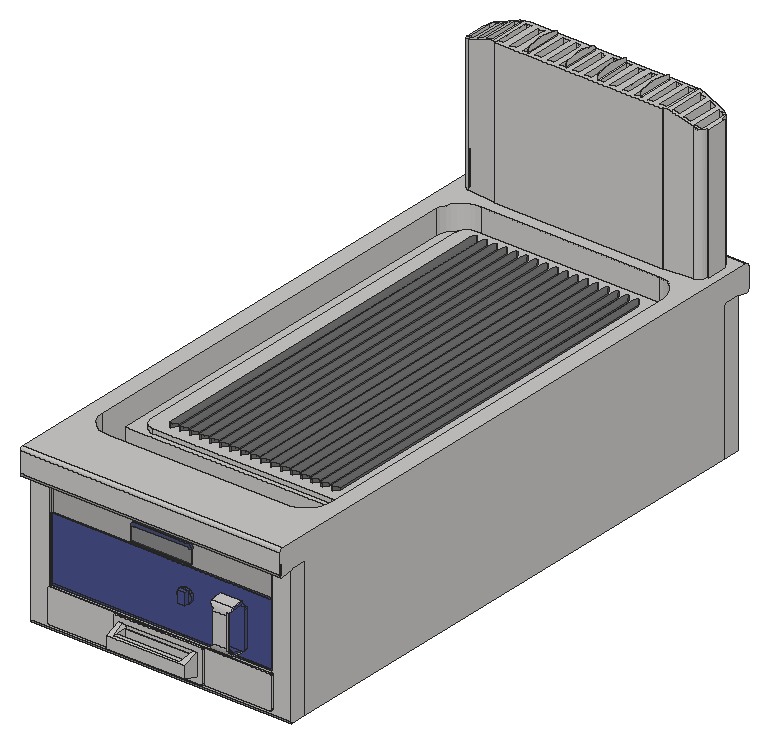
Revit family "QF_ELECTROLUXPROFESSIONAL_589100_MCHNAADOPO", category Specialty Equipment, Revit 2018 (continued)
Definition of nested family "GG_900_400 mm Full Grate"
  Lines and regions (mm)
    symbolic lines
      curve 5: line (-124.5, -295.767, 0) -> (-131, -286.484, 0)
      curve 6: line (-118, -286.484, 0) -> (-124.5, -295.767, 0)
      curve 7: line (136.85, 310.212, 0) -> (-136.85, 310.212, 0)
      curve 8: arc (-136.85, 310.212, 0) -> (-149.684, 304.896, 0) -> (-155, 292.062, 0) r 18.15
      curve 9: line (-155, 292.062, 0) -> (-155, -293.212, 0)
      curve 10: arc (-155, -293.212, 0) -> (-150.021, -305.233, 0) -> (-138, -310.212, 0) r 17
      curve 11: line (-138, -310.212, 0) -> (136.85, -310.212, 0)
      curve 12: arc (136.85, -310.212, 0) -> (149.684, -304.896, 0) -> (155, -292.062, 0) r 18.15
      curve 13: line (155, -292.062, 0) -> (155, 292.062, 0)
      curve 14: arc (155, 292.062, 0) -> (149.684, 304.896, 0) -> (136.85, 310.212, 0) r 18.15
      curve 15: line (118, 286.484, 0) -> (124.5, 295.767, 0)
      curve 16: line (124.5, 295.767, 0) -> (131, 286.484, 0)
      curve 17: line (131, -286.484, 0) -> (131, 286.484, 0)
      curve 18: line (118, 286.484, 0) -> (118, -286.484, 0)
      curve 19: line (124.5, -295.767, 0) -> (118, -286.484, 0)
      curve 20: line (131, -286.484, 0) -> (124.5, -295.767, 0)
      curve 21: line (-115.438, 286.484, 0) -> (-108.938, 295.767, 0)
      curve 22: line (-108.938, 295.767, 0) -> (-102.438, 286.484, 0)
      curve 23: line (-102.438, -286.484, 0) -> (-102.438, 286.484, 0)
      curve 24: line (-115.438, 286.484, 0) -> (-115.438, -286.484, 0)
      curve 25: line (-108.938, -295.767, 0) -> (-115.438, -286.484, 0)
      curve 26: line (-102.438, -286.484, 0) -> (-108.938, -295.767, 0)
      curve 27: line (-99.875, 286.484, 0) -> (-93.375, 295.767, 0)
      curve 28: line (-93.375, 295.767, 0) -> (-86.875, 286.484, 0)
      curve 29: line (-86.875, -286.484, 0) -> (-86.875, 286.484, 0)
      curve 30: line (-99.875, 286.484, 0) -> (-99.875, -286.484, 0)
      curve 31: line (-93.375, -295.767, 0) -> (-99.875, -286.484, 0)
      curve 32: line (-86.875, -286.484, 0) -> (-93.375, -295.767, 0)
      curve 33: line (-84.313, 286.484, 0) -> (-77.813, 295.767, 0)
      curve 34: line (-77.813, 295.767, 0) -> (-71.313, 286.484, 0)
      curve 35: line (-71.313, -286.484, 0) -> (-71.313, 286.484, 0)
      curve 36: line (-84.313, 286.484, 0) -> (-84.313, -286.484, 0)
      curve 37: line (-77.813, -295.767, 0) -> (-84.313, -286.484, 0)
      curve 38: line (-71.313, -286.484, 0) -> (-77.813, -295.767, 0)
      curve 39: line (-68.75, 286.484, 0) -> (-62.25, 295.767, 0)
      curve 40: line (-62.25, 295.767, 0) -> (-55.75, 286.484, 0)
      curve 41: line (-55.75, -286.484, 0) -> (-55.75, 286.484, 0)
      curve 42: line (-68.75, 286.484, 0) -> (-68.75, -286.484, 0)
      curve 43: line (-62.25, -295.767, 0) -> (-68.75, -286.484, 0)
      curve 44: line (-55.75, -286.484, 0) -> (-62.25, -295.767, 0)
      curve 45: line (-53.188, 286.484, 0) -> (-46.688, 295.767, 0)
      curve 46: line (-46.688, 295.767, 0) -> (-40.188, 286.484, 0)
      curve 47: line (-40.188, -286.484, 0) -> (-40.188, 286.484, 0)
      curve 48: line (-53.188, 286.484, 0) -> (-53.188, -286.484, 0)
      curve 49: line (-46.688, -295.767, 0) -> (-53.188, -286.484, 0)
      curve 50: line (-40.188, -286.484, 0) -> (-46.688, -295.767, 0)
      curve 51: line (-37.625, 286.484, 0) -> (-31.125, 295.767, 0)
      curve 52: line (-31.125, 295.767, 0) -> (-24.625, 286.484, 0)
      curve 53: line (-24.625, -286.484, 0) -> (-24.625, 286.484, 0)
      curve 54: line (-37.625, 286.484, 0) -> (-37.625, -286.484, 0)
      curve 55: line (-31.125, -295.767, 0) -> (-37.625, -286.484, 0)
      curve 56: line (-24.625, -286.484, 0) -> (-31.125, -295.767, 0)
      curve 57: line (-22.063, 286.484, 0) -> (-15.563, 295.767, 0)
      curve 58: line (-15.563, 295.767, 0) -> (-9.063, 286.484, 0)
      curve 59: line (-9.063, -286.484, 0) -> (-9.063, 286.484, 0)
      curve 60: line (-22.063, 286.484, 0) -> (-22.063, -286.484, 0)
      curve 61: line (-15.563, -295.767, 0) -> (-22.063, -286.484, 0)
      curve 62: line (-9.063, -286.484, 0) -> (-15.563, -295.767, 0)
      curve 63: line (-6.5, 286.484, 0) -> (0, 295.767, 0)
      curve 64: line (0, 295.767, 0) -> (6.5, 286.484, 0)
      curve 65: line (6.5, -286.484, 0) -> (6.5, 286.484, 0)
      curve 66: line (-6.5, 286.484, 0) -> (-6.5, -286.484, 0)
      curve 67: line (0, -295.767, 0) -> (-6.5, -286.484, 0)
      curve 68: line (6.5, -286.484, 0) -> (0, -295.767, 0)
      curve 69: line (9.062, 286.484, 0) -> (15.562, 295.767, 0)
      curve 70: line (15.562, 295.767, 0) -> (22.062, 286.484, 0)
      curve 71: line (22.062, -286.484, 0) -> (22.062, 286.484, 0)
      curve 72: line (9.062, 286.484, 0) -> (9.062, -286.484, 0)
      curve 73: line (15.562, -295.767, 0) -> (9.062, -286.484, 0)
      curve 74: line (22.062, -286.484, 0) -> (15.562, -295.767, 0)
      curve 75: line (24.625, 286.484, 0) -> (31.125, 295.767, 0)
      curve 76: line (31.125, 295.767, 0) -> (37.625, 286.484, 0)
      curve 77: line (37.625, -286.484, 0) -> (37.625, 286.484, 0)
      curve 78: line (24.625, 286.484, 0) -> (24.625, -286.484, 0)
      curve 79: line (31.125, -295.767, 0) -> (24.625, -286.484, 0)
      curve 80: line (37.625, -286.484, 0) -> (31.125, -295.767, 0)
      curve 81: line (40.187, 286.484, 0) -> (46.687, 295.767, 0)
      curve 82: line (46.687, 295.767, 0) -> (53.188, 286.484, 0)
      curve 83: line (53.188, -286.484, 0) -> (53.188, 286.484, 0)
      curve 84: line (40.187, 286.484, 0) -> (40.187, -286.484, 0)
      curve 85: line (46.687, -295.767, 0) -> (40.187, -286.484, 0)
      curve 86: line (53.188, -286.484, 0) -> (46.687, -295.767, 0)
      curve 87: line (55.75, 286.484, 0) -> (62.25, 295.767, 0)
      curve 88: line (62.25, 295.767, 0) -> (68.75, 286.484, 0)
      curve 89: line (68.75, -286.484, 0) -> (68.75, 286.484, 0)
      curve 90: line (55.75, 286.484, 0) -> (55.75, -286.484, 0)
      curve 91: line (62.25, -295.767, 0) -> (55.75, -286.484, 0)
      curve 92: line (68.75, -286.484, 0) -> (62.25, -295.767, 0)
      curve 93: line (71.312, 286.484, 0) -> (77.812, 295.767, 0)
      curve 94: line (77.812, 295.767, 0) -> (84.313, 286.484, 0)
      curve 95: line (84.313, -286.484, 0) -> (84.313, 286.484, 0)
      curve 96: line (71.312, 286.484, 0) -> (71.312, -286.484, 0)
      curve 97: line (77.812, -295.767, 0) -> (71.312, -286.484, 0)
      curve 98: line (84.313, -286.484, 0) -> (77.812, -295.767, 0)
      curve 99: line (86.875, 286.484, 0) -> (93.375, 295.767, 0)
      curve 100: line (93.375, 295.767, 0) -> (99.875, 286.484, 0)
      curve 101: line (99.875, -286.484, 0) -> (99.875, 286.484, 0)
      curve 102: line (86.875, 286.484, 0) -> (86.875, -286.484, 0)
      curve 103: line (93.375, -295.767, 0) -> (86.875, -286.484, 0)
      curve 104: line (99.875, -286.484, 0) -> (93.375, -295.767, 0)
      curve 105: line (102.438, 286.484, 0) -> (108.938, 295.767, 0)
      curve 106: line (108.938, 295.767, 0) -> (115.438, 286.484, 0)
      curve 107: line (115.438, -286.484, 0) -> (115.438, 286.484, 0)
      curve 108: line (102.438, 286.484, 0) -> (102.438, -286.484, 0)
      curve 109: line (108.938, -295.767, 0) -> (102.438, -286.484, 0)
      curve 110: line (115.438, -286.484, 0) -> (108.938, -295.767, 0)
  Dimensions and locks
    plane 3 to level = 900 mm
    plane 3 to plane 4 = 12 mm
    plane 5 to plane 6 = 310 mm
    aligned and locked: Extrusion 1 to nested 1
  Nested families
    nested 1: "Grate for Griddle" at (-124.5, 0, 11.99), type "Grate for Griddle"
    nested 2: "Grate for Griddle" at (124.5, 0, 11.99), type "Grate for Griddle"
    nested 3: "Grate for Griddle" at (-108.938, 0, 11.99), type "Grate for Griddle"
    nested 4: "Grate for Griddle" at (-93.375, 0, 11.99), type "Grate for Griddle"
    nested 5: "Grate for Griddle" at (-77.813, 0, 11.99), type "Grate for Griddle"
    nested 6: "Grate for Griddle" at (-62.25, 0, 11.99), type "Grate for Griddle"
    nested 7: "Grate for Griddle" at (-46.688, 0, 11.99), type "Grate for Griddle"
    nested 8: "Grate for Griddle" at (-31.125, 0, 11.99), type "Grate for Griddle"
    nested 9: "Grate for Griddle" at (-15.563, 0, 11.99), type "Grate for Griddle"
    nested 10: "Grate for Griddle" at (0, 0, 11.99), type "Grate for Griddle"
    nested 11: "Grate for Griddle" at (15.562, 0, 11.99), type "Grate for Griddle"
    nested 12: "Grate for Griddle" at (31.125, 0, 11.99), type "Grate for Griddle"
    nested 13: "Grate for Griddle" at (46.687, 0, 11.99), type "Grate for Griddle"
    nested 14: "Grate for Griddle" at (62.25, 0, 11.99), type "Grate for Griddle"
    nested 15: "Grate for Griddle" at (77.812, 0, 11.99), type "Grate for Griddle"
    nested 16: "Grate for Griddle" at (93.375, 0, 11.99), type "Grate for Griddle"
    nested 17: "Grate for Griddle" at (108.938, 0, 11.99), type "Grate for Griddle"
  Definition of nested family "Grate for Griddle"
    Reference planes
      plane 1 "Center (Front/Back)": y = 0
      plane 2: z = 0
      plane 3 "Center (Left/Right)": x = 0
      plane 4: x = -5.214
      plane 5: x = 7.786
      plane 6: y = 294
      plane 7: y = -294
    Forms (mm)
      Extrusion 1, solid
        sketch origin (1322.686, 294, -6.066) x (1, 0, 0) y (0, 0, 1)
          loop
            line (-1316.186, 888.55) -> (-1316.186, 890.55)
            arc (-1316.186, 890.55) -> (-1322.686, 894.177) -> (-1329.186, 890.55) r 7.638
            line (-1329.186, 890.55) -> (-1329.186, 888.55) -> (-1316.186, 888.55)
        from 0 to 588
      Extrusion 2, void
        sketch origin (0, 0, 0) x (1, 0, 0) y (0, 1, 0)
          loop
            line (-1.237, 294) -> (-6.5, 294) -> (-6.5, 286.484) -> (-1.237, 294)
          loop
            line (1.237, 294) -> (6.5, 286.484) -> (6.5, 294) -> (1.237, 294)
          loop
            line (-1.237, -294) -> (-6.5, -286.484) -> (-6.5, -294) -> (-1.237, -294)
          loop
            line (1.237, -294) -> (6.5, -294) -> (6.5, -286.484) -> (1.237, -294)
        from 878.991 to 892.372
    Cuts and joins
      Extrusion 2 cuts Extrusion 1
    Lines and regions (mm)
      symbolic lines
        curve 1: line (6.5, -286.484, 0) -> (6.5, 286.484, 0)
        curve 2: line (6.5, -286.484, 0) -> (1.237, -294, 0)
        curve 3: line (-1.237, -294, 0) -> (-6.5, -286.484, 0)
        curve 4: line (-6.5, 286.484, 0) -> (-6.5, -286.484, 0)
        curve 5: line (-6.5, 286.484, 0) -> (-1.237, 294, 0)
        curve 6: line (1.237, 294, 0) -> (6.5, 286.484, 0)
    Dimensions and locks
      plane 6 to plane 7 = 588 mm
      aligned and locked: Extrusion 1 to plane 7
      aligned and locked: plane 6 to Extrusion 1
      aligned and locked: curve 1 to cut or joined group of Extrusion 1, Extrusion 2
      aligned and locked: curve 2 to cut or joined group of Extrusion 1, Extrusion 2
      aligned and locked: curve 3 to cut or joined group of Extrusion 1, Extrusion 2
      aligned and locked: curve 4 to cut or joined group of Extrusion 1, Extrusion 2
      aligned and locked: curve 5 to cut or joined group of Extrusion 1, Extrusion 2
      aligned and locked: curve 6 to cut or joined group of Extrusion 1, Extrusion 2
